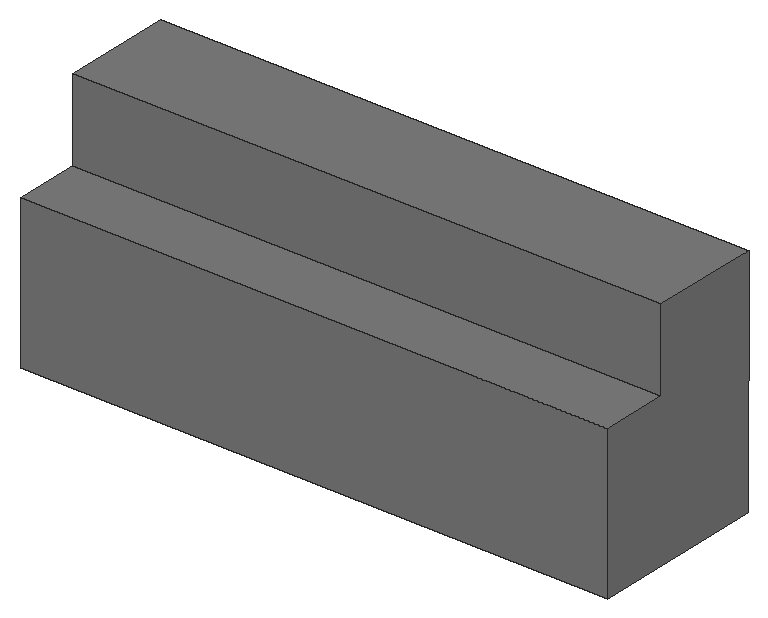
Revit family "Mechanical_Air-Curtain_Ready-Access_Heated-Fly-Fan", category Mechanical Equipment, host Face, Revit 2026
Family settings
  Host = Face
  Round Connector Dimension = Use Diameter
  Part Type = Normal
  Classification Number = 23.75.70.21.17
  Cut with Voids When Loaded = No
  Maintain Annotation Orientation = No
  Shared = No
  Room Calculation Point = No
Parameters
  Warranty Duration (Years) = 0
  Wall Thickness_Report [instance] = 1' - 2.75288"
  Wall Thickness [instance] = 1' - 2.75288"
  Unit Width = 4' - 5 1/2"
  Unit Height = 1' - 4"
  URL = "http://www.ready-access.com/"
  Test Data = ""
  Specification = "http://www.arcat.com/sdspecs/htm04/08_56_19rea.htm"
  SpecWizard = ""
  Send Message = "http://www.arcat.com/users.pl?action=UserEmail&amp;company=Ready+Access+Pass+Thru+Windows&amp;coid=35105&amp;rep=111&amp;fax=630-876-7767&amp;mf=04"
  Sales Information = "http://www.ready-access.com/aboutus.html"
  Revision = "R1_2014-09"
  RO Spacing_Top [instance] = 0' - 0 1/4"
  RO Spacing_Sides [instance] = 0' - 0 1/4"
  Product Properties = ""
  Product Data = "http://www.arcat.com/arcatcos/cos35/arc35105.html"
  Opening Width = 4' - 5 1/2"
  Offset from Interior Wall [instance] = 0' - 2.8273"
  Mounting Height [instance] = 2' - 2.52597"
  Model = "As Specified"
  Manufacturer Website = "http://www.ready-access.com/"
  Manufacturer Phone - Toll Free = "800-621-5045"
  Manufacturer Phone = "630-876-7766"
  Manufacturer Fax = "630-876-7767"
  Manufacturer Address = "1815 Arthur Dr.   West Chicago, IL 60185"
  Manufacturer = "Ready Access"
  Maintenance Schedule (Months) = 0
  Keynote = "08582"
  Installation-Fabrication = ""
  Installation Phase = ""
  HVAC_Outlet Velocity = 0 FPM
  Green Building-LEED = ""
  Frame Depth = 0' - 4"
  Expected Lifespan (Years) = 0
  Electrical_Wattage = 0 W
  Electrical_Voltage = 0 V
  Electrical_Phase = 0
  Electrical_Frequency = 0 Hz
  Electrical_Amperage = 0 A
  Drawn By = "Sumex Design, Inc. / Robert S. Weygant, CSI, CDT, SCIP"
  Description = "Ready Access Product as Specified"
  Default Elevation = 0' - 0"
  Copyright = "©Arcat Inc."
  Construction Details = "http://www.arcat.com/details/readyacc/prod1868.html"
  Building Codes = ""
  Assembly Code = "D3090400"
  Air Curtain Grating Finish [instance] = Metal - Grating - Ready Access - Finish as Specified
  Air Curtain Finish [instance] = Powdercoat - Ready Access - Color as Specified
Reference planes (in)
  plane 1 "Center (Front/Back)": y = -2
  plane 2: z = 0
  plane 3 "Center (Left/Right)": x = 0
  plane 4: y = 6
  plane 5: y = -10
  plane 6: x = -26.75
  plane 7: x = 26.75
  plane 8 "FF": y = -36.52597
  plane 9: z = -2.8273
  plane 10: z = -6.8273
  plane 11: z = -14.75288
  plane 12: x = -17.83333
  plane 13: x = -8.91667
  plane 14: x = 17.83333
  plane 15: x = 8.91667
  plane 16: x = -26.75
  plane 17: x = 26.75
Forms (in)
  Extrusion 1, void
    sketch origin (0, 0, 0) x (1, 0, 0) y (0, 1, 0)
      loop
        line (-27, 6.25) -> (-27, -10) -> (27, -10) -> (27, 6.25) -> (-27, 6.25)
    from -14.75288 to 0
  Extrusion 2, solid, material "Powdercoat - Ready Access - Color as Specified" <- "Air Curtain Finish"
    sketch origin (0, 0, 0) x (0, 1, 0) y (0, 0, 1)
      loop
        line (-10, -2.8273) -> (-10, -16.7023) -> (6, -16.7023) -> (6, 4.6727) -> (-4, 4.6727) -> (-4, -2.8273) -> (-10, -2.8273)
    from -26.75 to 26.75
Lines and regions (in)
  Split face 1
    outline origin (0, 6, 4.6727) x (0, -1, 0) y (1, 0, 0)
      loop
        line (8.75, -24.75) -> (8.75, -8.91667) -> (1.25, -8.91667) -> (1.25, -24.75) -> (8.75, -24.75)
  Split face 2
    outline origin (0, -10, -16.7023) x (1, 0, 0) y (0, 1, 0)
      loop
        line (-26.75, 9) -> (26.75, 9)
  model lines, style "InvisibleLines"
    curve 1: line (0, 6, 0) -> (0, -36.52597, 0)
Dimensions and locks (in)
  equal spacing: plane 4, plane 1 "Center (Front/Back)", plane 5
  "Unit Height": plane 4 to plane 5
  "Opening Width": plane 6 to plane 7
  "Frame Depth": plane 9 to plane 10
  "Offset from Interior Wall": level to plane 9
  "Wall Thickness": level to plane 11
  "Wall Thickness_Report": level to plane 11
  "Mounting Height": plane 5 to plane 8 "FF"
  "RO Spacing_Top": Extrusion 1 sketch curve to plane 4
  "RO Spacing_Sides": Extrusion 1 sketch curve to plane 6
  "RO Spacing_Sides": plane 7 to Extrusion 1 sketch curve
  locked: plane 9 to Extrusion 2 sketch curve at 13.875
  locked: Extrusion 2 sketch curve to plane 9 at 7.5
  locked: plane 5 to Extrusion 2 sketch curve at 6
  locked: plane 1 "Center (Front/Back)" to Split face 2 sketch curve at 1
  equal spacing: plane 16, plane 12, plane 13, plane 3 "Center (Left/Right)", plane 15, plane 14, plane 17
  "Unit Width": plane 16 to plane 17
  locked: plane 16 to Split face 1 sketch curve at 2
  aligned and locked: plane 2 to host face
  aligned and locked: level to host face
  aligned and locked: plane 4 to curve 1
  aligned and locked: plane 8 "FF" to curve 1
  aligned and locked: curve 1 to plane 3 "Center (Left/Right)"
  aligned and locked: Extrusion 1 sketch curve to plane 5
  aligned and locked: Extrusion 1 to plane 11
  aligned and locked: level to Extrusion 1
  aligned and locked: Extrusion 2 sketch curve to plane 4
  aligned and locked: Extrusion 2 sketch curve to plane 5
  aligned: plane 7 to Extrusion 2
  aligned: Extrusion 2 to plane 6
  aligned and locked: Split face 1 sketch curve to plane 13
  aligned and locked: plane 16 to Extrusion 2
  aligned and locked: Extrusion 2 to plane 17
Automatic sketch dimensions
  host sketch curve to host sketch curve = 8' - 0"  (x2)
  Extrusion 2 sketch curve to plane 9 = 0' - 0"
  Split face 1 sketch curve to Extrusion 2 = 0' - 1 1/4"  (x2)
  Split face 2 sketch curve to Extrusion 2 = 0' - 0"  (x2)
Connectors (in)
  electrical at (0, 6, -6.0148), driven by "Electrical_Voltage"
    settings: on Extrusion 2, index 1, voltage 0 V, apparent load 0 VA, apparent load phase1 0 VA, apparent load phase2 0 VA, apparent load phase3 0 VA, power factor 1, load classification "Other", number of poles 1, system type 31, power factor state 1, is connector primary yes, connector utility no, sub classification motor no, connector description ""
